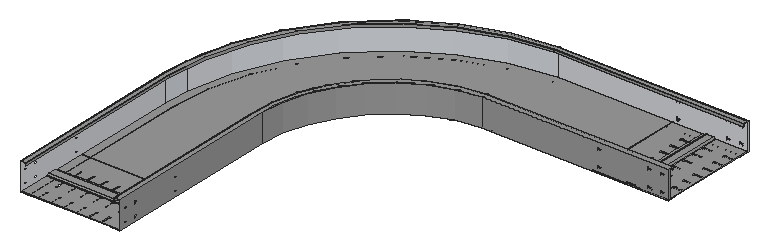
Revit family "Bogen 90- WRB 90140FS", category Generic Models, Revit 2017
Family settings
  Can host rebar = No
  Round Connector Dimension = Use Diameter
  Part Type = Normal
  Work Plane-Based = No
  Always vertical = Yes
  Cut with Voids When Loaded = No
  Shared = No
  Room Calculation Point = No
Parameters (values of type "WRB 90 140 FS")
  URL = "http://www.obo-bettermann.com"
  Material = Strip galvanised
  Manufacturer Art.No. = "6098312"
  Manufacturer = "OBO BETTERMANN"
  GTIN = "4012196351978"
  Cut's number = 2
  Article Type = "WRB 90 140 FS"
Reference planes
  plane 1 "Center (Front/Back)": y = 0
  plane 2: z = 0
  plane 3 "Center (Left/Right)": x = 0
  plane 4: x = 1071.5
  plane 5: y = 146.5
  plane 6: y = 121.5
  plane 7: y = 171.5
  plane 8: x = 1212.45
  plane 9: x = 912.45
  plane 10: x = 1062.45
  plane 11: x = 1077.45
  plane 12: x = 1047.45
  plane 13: z = 6.5
  plane 14: y = 393
  plane 15: x = 1212.45
  plane 16: y = -1212.45
  plane 17: x = 1212.45
  plane 18: through (1212.45, -1212.45, 1200) normal (-0.7071, -0.7071, 0)
  plane 19: y = -1212.45
  plane 20: y = -912.45
  plane 21: y = -1062.45
  plane 22: y = -1077.45
  plane 23: y = -1047.45
  plane 24: z = 6.5
  plane 25: z = 1.5
  plane 26: z = -1.5
  plane 27: z = 108.5
  plane 28: z = 107
  plane 29: z = 98.5
  plane 30: y = -1187.45
  plane 31: x = -196
  plane 32: x = -171
  plane 33: y = -1187.45
  plane 34: x = -146
  plane 35: x = -121
  plane 36: y = -1187.45
  plane 37: x = -96
  plane 38: x = -71
  plane 39: y = -1187.45
  plane 40: x = -246
  plane 41: x = -221
  plane 42: y = -1187.45
  plane 43: x = -296
  plane 44: x = -271
  plane 45: y = -1187.45
  plane 46: x = -346
  plane 47: x = -321
  plane 48: y = -1062.45
  plane 49: y = -1107.45
  plane 50: y = -1187.45
  plane 51: y = -1187.45
  plane 52: x = -196
  plane 53: x = -171
  plane 54: y = -1107.45
  plane 55: x = -196
  plane 56: x = -171
  plane 57: y = -1107.45
  plane 58: x = -146
  plane 59: x = -121
  plane 60: y = -1107.45
  plane 61: x = -96
  plane 62: x = -71
  plane 63: y = -1107.45
  plane 64: x = -246
  plane 65: x = -221
  plane 66: y = -1107.45
  plane 67: x = -296
  plane 68: x = -271
  plane 69: y = -1107.45
  plane 70: x = -346
  plane 71: x = -321
  plane 72: y = -1017.45
  plane 73: x = -196
  plane 74: x = -171
  plane 75: y = -1017.45
  plane 76: x = -146
  plane 77: x = -121
  plane 78: y = -1017.45
  plane 79: x = -96
  plane 80: x = -71
  plane 81: y = -1017.45
  plane 82: x = -246
  plane 83: x = -221
  plane 84: y = -1017.45
  plane 85: x = -296
  plane 86: x = -271
  plane 87: y = -1017.45
  plane 88: x = -346
  plane 89: x = -321
  plane 90: x = 1187.45
  plane 91: y = 196.5
  plane 92: y = 221.5
  plane 93: x = 1187.45
  plane 94: y = 246.5
  plane 95: y = 271.5
  plane 96: x = 1187.45
  plane 97: y = 296.5
  plane 98: y = 321.5
  plane 99: x = 1187.45
  plane 100: y = 146.5
  plane 101: y = 171.5
  plane 102: x = 1187.45
  plane 103: y = 96.5
  plane 104: y = 121.5
  plane 105: x = 1187.45
  plane 106: y = 46.5
  plane 107: y = 71.5
  plane 108: x = 1187.45
  plane 109: y = 196.5
  plane 110: y = 221.5
  plane 111: x = 1107.717
  plane 112: y = 196.5
  plane 113: y = 221.5
  plane 114: x = 1107.717
  plane 115: y = 246.5
  plane 116: y = 271.5
  plane 117: x = 1107.717
  plane 118: y = 296.5
  plane 119: y = 321.5
  plane 120: x = 1107.717
  plane 121: y = 146.5
  plane 122: y = 171.5
  plane 123: x = 1107.717
  plane 124: y = 96.5
  plane 125: y = 121.5
  plane 126: x = 1107.717
  plane 127: y = 46.5
  plane 128: y = 71.5
  plane 129: x = 1017.717
  plane 130: y = 196.5
  plane 131: y = 221.5
  plane 132: x = 1017.717
  plane 133: y = 246.5
  plane 134: y = 271.5
  plane 135: x = 1017.717
  plane 136: y = 296.5
  plane 137: y = 321.5
  plane 138: x = 1017.717
  plane 139: y = 146.5
  plane 140: y = 171.5
  plane 141: x = 1017.717
  plane 142: y = 96.5
  plane 143: y = 121.5
  plane 144: x = 1017.717
  plane 145: y = 46.5
  plane 146: y = 71.5
  plane 147: x = 1187.45
  plane 148: z = 84.5
  plane 149: x = 1187.45
  plane 150: z = 19.5
  plane 151: x = 1187.45
  plane 152: z = 84.5
  plane 153: x = 1137.45
  plane 154: z = 84.5
  plane 155: x = 937.45
  plane 156: z = 84.5
  plane 157: x = 1137.45
  plane 158: z = 19.5
  plane 159: x = 937.45
  plane 160: z = 19.5
  plane 161: x = 1187.45
  plane 162: z = 86
  plane 163: x = 1187.45
  plane 164: z = 21
  plane 165: x = 1187.45
  plane 166: z = 86
  plane 167: x = 1137.45
  plane 168: z = 86
  plane 169: x = 1137.45
  plane 170: z = 21
  plane 171: x = 937.45
  plane 172: z = 86
  plane 173: x = 937.45
  plane 174: z = 21
  plane 175: y = -1137.45
  plane 176: z = 19.5
  plane 177: y = -1187.45
  plane 178: z = 19.5
  plane 179: y = -1137.45
  plane 180: z = 19.5
  plane 181: y = -1137.45
  plane 182: z = 69.5
  plane 183: y = -1187.45
  plane 184: z = 69.5
  plane 185: y = -937.45
  plane 186: z = 19.5
  plane 187: y = -937.45
  plane 188: z = 69.5
Forms (mm)
  Extrusion 1, void, not visible
    sketch origin (0, 0, 0) x (0, -1, 0) y (1, 0, 0)
      loop
        line (-125, 1055.5) -> (-118, 1055.5) -> (-118, 1087.5) -> (-125, 1087.5) -> (-125, 1055.5)
    from -1.649 to 1.351
  Extrusion 2, solid, material "Strip galvanised" <- "Material"
    sketch origin (0, 0, 0) x (1, 0, 0) y (0, 0, 1)
      loop
        line (1212.45, 0) -> (1212.45, 1.5) -> (1087.45, 1.5) -> (1081.203, 1.5) -> (1078.316, 6.5) -> (1077.45, 6.5) -> (1046.584, 6.5) -> (1043.697, 1.5) -> (1031.506, 1.5) -> (912.45, 1.5) -> (912.45, 0) -> (1031.506, 0) -> (1044.563, 0) -> (1047.45, 5) -> (1077.45, 5) -> (1080.337, 0) -> (1087.45, 0) -> (1212.45, 0)
    from 0.713 to -393
  Extrusion 3, solid, material "Strip galvanised" <- "Material"
    sketch origin (0, 0, 0) x (0, -1, 0) y (0, 0, -1)
      loop
        line (1212.45, 0) -> (1087.45, 0) -> (1080.337, 0) -> (1077.45, -5) -> (1047.45, -5) -> (1044.563, 0) -> (1031.506, 0) -> (912.45, 0) -> (912.45, -1.5) -> (1031.506, -1.5) -> (1043.697, -1.5) -> (1046.584, -6.5) -> (1077.45, -6.5) -> (1078.316, -6.5) -> (1081.203, -1.5) -> (1087.45, -1.5) -> (1212.45, -1.5) -> (1212.45, 0)
    from 0 to -393
  Extrusion 4, solid, material "Strip galvanised" <- "Material"
    sketch origin (0, 0, 0) x (1, 0, 0) y (0, 1, 0)
      loop
        line (468.866, 0) -> (912.45, 0) -> (912.45, 393) -> (457.082, 393)
        arc (457.082, 393) -> (-146.25, 114.817) -> (-392.428, -502.268) r 896.5
        line (-392.428, -502.268) -> (-392.428, -912.45) -> (0.572, -912.45) -> (0.572, -502.268)
        arc (0.572, -502.268) -> (135.807, -158.912) -> (468.866, 0) r 503.5
    from 0 to 1.5
  Extrusion 5, solid, material "Strip galvanised"
    sketch origin (0, 0, 0) x (1, 0, 0) y (0, 1, 0)
      loop
        line (-393, -1212.45) -> (-358, -1212.45) -> (-358, -502.268)
        arc (-358, -502.268) -> (-121.746, 90.395) -> (457.437, 358) r 861.5
        line (457.437, 358) -> (1212.45, 358) -> (1212.45, 393) -> (456.51, 393)
        arc (456.51, 393) -> (-146.822, 114.817) -> (-393, -502.268) r 896.5
        line (-393, -502.268) -> (-393, -1212.45)
      loop
        line (0.572, -1212.45) -> (0.572, -502.268)
        arc (0.572, -502.268) -> (135.807, -158.912) -> (468.866, 0) r 503.5
        line (468.866, 0) -> (1212.45, 0) -> (1212.45, 35) -> (467.662, 35)
        arc (467.662, 35) -> (110.633, -134.589) -> (-34.428, -502.268) r 538.5
        line (-34.428, -502.268) -> (-34.428, -1212.45) -> (0.572, -1212.45)
    from -1.5 to 0
  Extrusion 6, solid
    sketch origin (0, 0, 0) x (1, 0, 0) y (0, 1, 0)
      loop
        line (1212.45, 393) -> (1212.45, 394.5) -> (456.47, 394.5)
        arc (456.47, 394.5) -> (-109.621, 153.331) -> (-388.026, -395.407) r 899.034
        arc (-388.026, -395.407) -> (-392.657, -445.386) -> (-394.5, -495.545) r 901.52
        line (-394.5, -495.545) -> (-394.5, -1212.45) -> (-393, -1212.45) -> (-393, -495.552)
        arc (-393, -495.552) -> (-391.16, -445.479) -> (-386.537, -395.587) r 900.02
        arc (-386.537, -395.587) -> (-108.611, 152.222) -> (456.51, 393) r 897.534
        line (456.51, 393) -> (1212.45, 393)
    from -1.5 to 108.5
  Extrusion 7, solid, material "Strip galvanised"
    sketch origin (0, 0, 0) x (1, 0, 0) y (0, 1, 0)
      loop
        line (1212.45, 4.839) -> (470.709, 4.839)
        arc (470.709, 4.839) -> (135.973, -159.142) -> (0.572, -506.423) r 513.061
        line (0.572, -506.423) -> (0.572, -1212.45) -> (1.5, -1212.45) -> (1.5, -510.475)
        arc (1.5, -510.475) -> (136.483, -164.233) -> (470.198, -0.713) r 511.561
        line (470.198, -0.713) -> (1212.45, -0.713) -> (1212.45, 4.839)
    from -1.5 to 108.5
  Extrusion 8, solid, material "Strip galvanised" <- "Material"
    sketch origin (0, 0, 0) x (1, 0, 0) y (0, 1, 0)
      loop
        line (1212.45, 393) -> (456.51, 393)
        arc (456.51, 393) -> (-146.832, 114.7) -> (-393, -502.45) r 896.692
        line (-393, -502.45) -> (-393, -1212.45) -> (-373, -1212.45) -> (-373, -502.45)
        arc (-373, -502.45) -> (-132.503, 100.745) -> (457.04, 373) r 876.692
        line (457.04, 373) -> (1212.45, 373) -> (1212.45, 393)
      loop
        line (1212.45, 0) -> (1212.45, 20) -> (468.173, 20)
        arc (468.173, 20) -> (205.754, -72.083) -> (27.527, -285.573) r 523.5
        arc (27.527, -285.573) -> (-9.877, -401.436) -> (-20, -522.766) r 532.781
        line (-20, -522.766) -> (-20, -1212.45) -> (0, -1212.45) -> (0, -522.45)
        arc (0, -522.45) -> (9.703, -405.517) -> (45.733, -293.851) r 512.781
        arc (45.733, -293.851) -> (216.872, -88.712) -> (468.866, 0) r 503.5
        line (468.866, 0) -> (1212.45, 0)
    from 107 to 108.5
  Extrusion 9, solid, material "Strip galvanised" <- "Material"
    sketch origin (0, 0, 0) x (1, 0, 0) y (0, 1, 0)
      loop
        line (1212.45, 373) -> (457.04, 373)
        arc (457.04, 373) -> (-132.503, 100.745) -> (-373, -502.45) r 876.692
        line (-373, -502.45) -> (-373, -1212.45) -> (-371.5, -1212.45) -> (-371.5, -502.45)
        arc (-371.5, -502.45) -> (-131.428, 99.699) -> (457.08, 371.5) r 875.192
        line (457.08, 371.5) -> (1212.45, 371.5) -> (1212.45, 373)
      loop
        line (1212.45, 20) -> (1212.45, 21.5) -> (468.118, 21.5)
        arc (468.118, 21.5) -> (110.507, -155.798) -> (-21.5, -532.487) r 529.15
        line (-21.5, -532.487) -> (-21.5, -1212.45) -> (-20, -1212.45) -> (-20, -532.45)
        arc (-20, -532.45) -> (111.6, -156.826) -> (468.173, 20) r 527.65
        line (468.173, 20) -> (1212.45, 20)
    from 98.5 to 107
  Extrusion 10, void
    sketch origin (0, 0, 0) x (1, 0, 0) y (0, 1, 0)
      loop
        line (-174.5, -1171.45) -> (-174.5, -1203.45) -> (-167.5, -1203.45) -> (-167.5, -1171.45) -> (-174.5, -1171.45)
    from -1.5 to 1.5
  Extrusion 11, void
    sketch origin (50, 0, 0) x (1, 0, 0) y (0, 1, 0)
      loop
        line (-174.5, -1171.45) -> (-174.5, -1203.45) -> (-167.5, -1203.45) -> (-167.5, -1171.45) -> (-174.5, -1171.45)
    from -1.5 to 1.5
  Extrusion 12, void
    sketch origin (100, 0, 0) x (1, 0, 0) y (0, 1, 0)
      loop
        line (-174.5, -1171.45) -> (-174.5, -1203.45) -> (-167.5, -1203.45) -> (-167.5, -1171.45) -> (-174.5, -1171.45)
    from -1.5 to 1.5
  Extrusion 13, void
    sketch origin (-50, 0, 0) x (1, 0, 0) y (0, 1, 0)
      loop
        line (-174.5, -1171.45) -> (-174.5, -1203.45) -> (-167.5, -1203.45) -> (-167.5, -1171.45) -> (-174.5, -1171.45)
    from -1.5 to 1.5
  Extrusion 14, void
    sketch origin (-100, 0, 0) x (1, 0, 0) y (0, 1, 0)
      loop
        line (-174.5, -1171.45) -> (-174.5, -1203.45) -> (-167.5, -1203.45) -> (-167.5, -1171.45) -> (-174.5, -1171.45)
    from -1.5 to 1.5
  Extrusion 15, void
    sketch origin (-150, 0, 0) x (1, 0, 0) y (0, 1, 0)
      loop
        line (-174.5, -1171.45) -> (-174.5, -1203.45) -> (-167.5, -1203.45) -> (-167.5, -1171.45) -> (-174.5, -1171.45)
    from -1.5 to 1.5
  Extrusion 16, void, not visible
    sketch origin (0, 0, 0) x (1, 0, 0) y (0, 1, 0)
      loop
        line (-174.5, -1171.45) -> (-174.5, -1203.45) -> (-167.5, -1203.45) -> (-167.5, -1171.45) -> (-174.5, -1171.45)
    from -1.5 to 1.5
  Extrusion 17, void
    sketch origin (0, 80, 0) x (1, 0, 0) y (0, 1, 0)
      loop
        line (-174.5, -1171.45) -> (-174.5, -1203.45) -> (-167.5, -1203.45) -> (-167.5, -1171.45) -> (-174.5, -1171.45)
    from -1.5 to 1.5
  Extrusion 18, void
    sketch origin (50, 80, 0) x (1, 0, 0) y (0, 1, 0)
      loop
        line (-174.5, -1171.45) -> (-174.5, -1203.45) -> (-167.5, -1203.45) -> (-167.5, -1171.45) -> (-174.5, -1171.45)
    from -1.5 to 1.5
  Extrusion 19, void
    sketch origin (100, 80, 0) x (1, 0, 0) y (0, 1, 0)
      loop
        line (-174.5, -1171.45) -> (-174.5, -1203.45) -> (-167.5, -1203.45) -> (-167.5, -1171.45) -> (-174.5, -1171.45)
    from -1.5 to 1.5
  Extrusion 20, void
    sketch origin (-50, 80, 0) x (1, 0, 0) y (0, 1, 0)
      loop
        line (-174.5, -1171.45) -> (-174.5, -1203.45) -> (-167.5, -1203.45) -> (-167.5, -1171.45) -> (-174.5, -1171.45)
    from -1.5 to 1.5
  Extrusion 21, void
    sketch origin (-100, 80, 0) x (1, 0, 0) y (0, 1, 0)
      loop
        line (-174.5, -1171.45) -> (-174.5, -1203.45) -> (-167.5, -1203.45) -> (-167.5, -1171.45) -> (-174.5, -1171.45)
    from -1.5 to 1.5
  Extrusion 22, void
    sketch origin (-150, 80, 0) x (1, 0, 0) y (0, 1, 0)
      loop
        line (-174.5, -1171.45) -> (-174.5, -1203.45) -> (-167.5, -1203.45) -> (-167.5, -1171.45) -> (-174.5, -1171.45)
    from -1.5 to 1.5
  Extrusion 23, void
    sketch origin (0, 170, 0) x (1, 0, 0) y (0, 1, 0)
      loop
        line (-174.5, -1171.45) -> (-174.5, -1203.45) -> (-167.5, -1203.45) -> (-167.5, -1171.45) -> (-174.5, -1171.45)
    from -1.5 to 1.5
  Extrusion 24, void
    sketch origin (50, 170, 0) x (1, 0, 0) y (0, 1, 0)
      loop
        line (-174.5, -1171.45) -> (-174.5, -1203.45) -> (-167.5, -1203.45) -> (-167.5, -1171.45) -> (-174.5, -1171.45)
    from -1.5 to 1.5
  Extrusion 25, void
    sketch origin (100, 170, 0) x (1, 0, 0) y (0, 1, 0)
      loop
        line (-174.5, -1171.45) -> (-174.5, -1203.45) -> (-167.5, -1203.45) -> (-167.5, -1171.45) -> (-174.5, -1171.45)
    from -1.5 to 1.5
  Extrusion 26, void
    sketch origin (-50, 170, 0) x (1, 0, 0) y (0, 1, 0)
      loop
        line (-174.5, -1171.45) -> (-174.5, -1203.45) -> (-167.5, -1203.45) -> (-167.5, -1171.45) -> (-174.5, -1171.45)
    from -1.5 to 1.5
  Extrusion 27, void
    sketch origin (-100, 170, 0) x (1, 0, 0) y (0, 1, 0)
      loop
        line (-174.5, -1171.45) -> (-174.5, -1203.45) -> (-167.5, -1203.45) -> (-167.5, -1171.45) -> (-174.5, -1171.45)
    from -1.5 to 1.5
  Extrusion 28, void
    sketch origin (-150, 170, 0) x (1, 0, 0) y (0, 1, 0)
      loop
        line (-174.5, -1171.45) -> (-174.5, -1203.45) -> (-167.5, -1203.45) -> (-167.5, -1171.45) -> (-174.5, -1171.45)
    from -1.5 to 1.5
  Extrusion 29, void
    sketch origin (0, 0, 0) x (1, 0, 0) y (0, 1, 0)
      loop
        line (1171.45, 225) -> (1171.45, 218) -> (1203.45, 218) -> (1203.45, 225) -> (1171.45, 225)
    from -1.5 to 1.5
  Extrusion 30, void
    sketch origin (0, 50, 0) x (1, 0, 0) y (0, 1, 0)
      loop
        line (1171.45, 225) -> (1171.45, 218) -> (1203.45, 218) -> (1203.45, 225) -> (1171.45, 225)
    from -1.5 to 1.5
  Extrusion 31, void
    sketch origin (0, 100, 0) x (1, 0, 0) y (0, 1, 0)
      loop
        line (1171.45, 225) -> (1171.45, 218) -> (1203.45, 218) -> (1203.45, 225) -> (1171.45, 225)
    from -1.5 to 1.5
  Extrusion 32, void
    sketch origin (0, -50, 0) x (1, 0, 0) y (0, 1, 0)
      loop
        line (1171.45, 225) -> (1171.45, 218) -> (1203.45, 218) -> (1203.45, 225) -> (1171.45, 225)
    from -1.5 to 1.5
  Extrusion 33, void
    sketch origin (0, -100, 0) x (1, 0, 0) y (0, 1, 0)
      loop
        line (1171.45, 225) -> (1171.45, 218) -> (1203.45, 218) -> (1203.45, 225) -> (1171.45, 225)
    from -1.5 to 1.5
  Extrusion 34, void
    sketch origin (0, -150, 0) x (1, 0, 0) y (0, 1, 0)
      loop
        line (1171.45, 225) -> (1171.45, 218) -> (1203.45, 218) -> (1203.45, 225) -> (1171.45, 225)
    from -1.5 to 1.5
  Extrusion 35, void, not visible
    sketch origin (0, 0, 0) x (1, 0, 0) y (0, 1, 0)
      loop
        line (1171.45, 225) -> (1171.45, 218) -> (1203.45, 218) -> (1203.45, 225) -> (1171.45, 225)
    from -1.5 to 1.5
  Extrusion 36, void
    sketch origin (-79.733, 0, 0) x (1, 0, 0) y (0, 1, 0)
      loop
        line (1171.45, 225) -> (1171.45, 218) -> (1203.45, 218) -> (1203.45, 225) -> (1171.45, 225)
    from -1.5 to 1.5
  Extrusion 37, void
    sketch origin (-79.733, 50, 0) x (1, 0, 0) y (0, 1, 0)
      loop
        line (1171.45, 225) -> (1171.45, 218) -> (1203.45, 218) -> (1203.45, 225) -> (1171.45, 225)
    from -1.5 to 1.5
  Extrusion 38, void
    sketch origin (-79.733, 100, 0) x (1, 0, 0) y (0, 1, 0)
      loop
        line (1171.45, 225) -> (1171.45, 218) -> (1203.45, 218) -> (1203.45, 225) -> (1171.45, 225)
    from -1.5 to 1.5
  Extrusion 39, void
    sketch origin (-79.733, -50, 0) x (1, 0, 0) y (0, 1, 0)
      loop
        line (1171.45, 225) -> (1171.45, 218) -> (1203.45, 218) -> (1203.45, 225) -> (1171.45, 225)
    from -1.5 to 1.5
  Extrusion 40, void
    sketch origin (-79.733, -100, 0) x (1, 0, 0) y (0, 1, 0)
      loop
        line (1171.45, 225) -> (1171.45, 218) -> (1203.45, 218) -> (1203.45, 225) -> (1171.45, 225)
    from -1.5 to 1.5
  Extrusion 41, void
    sketch origin (-79.733, -150, 0) x (1, 0, 0) y (0, 1, 0)
      loop
        line (1171.45, 225) -> (1171.45, 218) -> (1203.45, 218) -> (1203.45, 225) -> (1171.45, 225)
    from -1.5 to 1.5
  Extrusion 42, void
    sketch origin (-169.733, 0, 0) x (1, 0, 0) y (0, 1, 0)
      loop
        line (1171.45, 225) -> (1171.45, 218) -> (1203.45, 218) -> (1203.45, 225) -> (1171.45, 225)
    from -1.5 to 1.5
  Extrusion 43, void
    sketch origin (-169.733, 50, 0) x (1, 0, 0) y (0, 1, 0)
      loop
        line (1171.45, 225) -> (1171.45, 218) -> (1203.45, 218) -> (1203.45, 225) -> (1171.45, 225)
    from -1.5 to 1.5
  Extrusion 44, void
    sketch origin (-169.733, 100, 0) x (1, 0, 0) y (0, 1, 0)
      loop
        line (1171.45, 225) -> (1171.45, 218) -> (1203.45, 218) -> (1203.45, 225) -> (1171.45, 225)
    from -1.5 to 1.5
  Extrusion 45, void
    sketch origin (-169.733, -50, 0) x (1, 0, 0) y (0, 1, 0)
      loop
        line (1171.45, 225) -> (1171.45, 218) -> (1203.45, 218) -> (1203.45, 225) -> (1171.45, 225)
    from -1.5 to 1.5
  Extrusion 46, void
    sketch origin (-169.733, -100, 0) x (1, 0, 0) y (0, 1, 0)
      loop
        line (1171.45, 225) -> (1171.45, 218) -> (1203.45, 218) -> (1203.45, 225) -> (1171.45, 225)
    from -1.5 to 1.5
  Extrusion 47, void
    sketch origin (-169.733, -150, 0) x (1, 0, 0) y (0, 1, 0)
      loop
        line (1171.45, 225) -> (1171.45, 218) -> (1203.45, 218) -> (1203.45, 225) -> (1171.45, 225)
    from -1.5 to 1.5
  Extrusion 48, void
    sketch origin (0, 0, 0) x (1, 0, 0) y (0, 0, 1)
      loop
        line (1179.95, 89) -> (1179.95, 80) -> (1194.95, 80) -> (1194.95, 89) -> (1179.95, 89)
    from -4.839 to 0.713
  Extrusion 49, void
    sketch origin (0, 0, -65) x (1, 0, 0) y (0, 0, 1)
      loop
        line (1179.95, 89) -> (1179.95, 80) -> (1194.95, 80) -> (1194.95, 89) -> (1179.95, 89)
    from -4.839 to 0.713
  Extrusion 50, void, not visible
    sketch origin (0, 0, 0) x (1, 0, 0) y (0, 0, 1)
      loop
        line (1179.95, 89) -> (1179.95, 80) -> (1194.95, 80) -> (1194.95, 89) -> (1179.95, 89)
    from 0 to 250
  Extrusion 51, void
    sketch origin (-50, 0, 0) x (1, 0, 0) y (0, 0, 1)
      loop
        line (1179.95, 89) -> (1179.95, 80) -> (1194.95, 80) -> (1194.95, 89) -> (1179.95, 89)
    from -4.839 to 0.713
  Extrusion 52, void
    sketch origin (-250, 0, 0) x (1, 0, 0) y (0, 0, 1)
      loop
        line (1179.95, 89) -> (1179.95, 80) -> (1194.95, 80) -> (1194.95, 89) -> (1179.95, 89)
    from -4.839 to 0.713
  Extrusion 53, void
    sketch origin (-50, 0, -65) x (1, 0, 0) y (0, 0, 1)
      loop
        line (1179.95, 89) -> (1179.95, 80) -> (1194.95, 80) -> (1194.95, 89) -> (1179.95, 89)
    from -4.839 to 0.713
  Extrusion 54, void
    sketch origin (-250, 0, -65) x (1, 0, 0) y (0, 0, 1)
      loop
        line (1179.95, 89) -> (1179.95, 80) -> (1194.95, 80) -> (1194.95, 89) -> (1179.95, 89)
    from -4.839 to 0.713
  Extrusion 55, void
    sketch origin (0, 0, 0) x (1, 0, 0) y (0, 0, 1)
      loop
        line (1194.95, 89) -> (1179.95, 89) -> (1179.95, 80) -> (1194.95, 80) -> (1194.95, 89)
    from -394.5 to -393
  Extrusion 56, void
    sketch origin (0, 0, -65) x (1, 0, 0) y (0, 0, 1)
      loop
        line (1194.95, 89) -> (1179.95, 89) -> (1179.95, 80) -> (1194.95, 80) -> (1194.95, 89)
    from -394.5 to -393
  Extrusion 57, void, not visible
    sketch origin (0, 0, 0) x (1, 0, 0) y (0, 0, 1)
      loop
        line (1194.95, 89) -> (1179.95, 89) -> (1179.95, 80) -> (1194.95, 80) -> (1194.95, 89)
    from -394.5 to -393
  Extrusion 58, void
    sketch origin (-50, 0, 0) x (1, 0, 0) y (0, 0, 1)
      loop
        line (1194.95, 89) -> (1179.95, 89) -> (1179.95, 80) -> (1194.95, 80) -> (1194.95, 89)
    from -394.5 to -393
  Extrusion 59, void
    sketch origin (-50, 0, -65) x (1, 0, 0) y (0, 0, 1)
      loop
        line (1194.95, 89) -> (1179.95, 89) -> (1179.95, 80) -> (1194.95, 80) -> (1194.95, 89)
    from -394.5 to -393
  Extrusion 60, void
    sketch origin (-250, 0, 0) x (1, 0, 0) y (0, 0, 1)
      loop
        line (1194.95, 89) -> (1179.95, 89) -> (1179.95, 80) -> (1194.95, 80) -> (1194.95, 89)
    from -394.5 to -393
  Extrusion 61, void
    sketch origin (-250, 0, -65) x (1, 0, 0) y (0, 0, 1)
      loop
        line (1194.95, 89) -> (1179.95, 89) -> (1179.95, 80) -> (1194.95, 80) -> (1194.95, 89)
    from -394.5 to -393
  Extrusion 62, void
    sketch origin (0, 50, -65) x (0, -1, 0) y (0, 0, -1)
      loop
        line (1179.95, -89) -> (1194.95, -89) -> (1194.95, -80) -> (1179.95, -80) -> (1179.95, -89)
    from 0 to 1.5
  Extrusion 63, void
    sketch origin (0, 0, -65) x (0, -1, 0) y (0, 0, -1)
      loop
        line (1179.95, -89) -> (1194.95, -89) -> (1194.95, -80) -> (1179.95, -80) -> (1179.95, -89)
    from 0 to 1.5
  Extrusion 64, void, not visible
    sketch origin (0, 50, -65) x (0, -1, 0) y (0, 0, -1)
      loop
        line (1179.95, -89) -> (1194.95, -89) -> (1194.95, -80) -> (1179.95, -80) -> (1179.95, -89)
    from 0 to 1.5
  Extrusion 65, void
    sketch origin (0, 50, -15) x (0, -1, 0) y (0, 0, -1)
      loop
        line (1179.95, -89) -> (1194.95, -89) -> (1194.95, -80) -> (1179.95, -80) -> (1179.95, -89)
    from 0 to 1.5
  Extrusion 66, void
    sketch origin (0, 0, -15) x (0, -1, 0) y (0, 0, -1)
      loop
        line (1179.95, -89) -> (1194.95, -89) -> (1194.95, -80) -> (1179.95, -80) -> (1179.95, -89)
    from 0 to 1.5
  Extrusion 67, void
    sketch origin (0, 250, -65) x (0, -1, 0) y (0, 0, -1)
      loop
        line (1179.95, -89) -> (1194.95, -89) -> (1194.95, -80) -> (1179.95, -80) -> (1179.95, -89)
    from 0 to 1.5
  Extrusion 68, void
    sketch origin (0, 250, -15) x (0, -1, 0) y (0, 0, -1)
      loop
        line (1179.95, -89) -> (1194.95, -89) -> (1194.95, -80) -> (1179.95, -80) -> (1179.95, -89)
    from 0 to 1.5
  Extrusion 69, void
    sketch origin (0, 0, 0) x (0, 1, 0) y (0, 0, 1)
      loop
        line (-1179.95, 74) -> (-1194.95, 74) -> (-1194.95, 65) -> (-1179.95, 65) -> (-1179.95, 74)
    from -394.5 to -393
  Extrusion 70, void
    sketch origin (0, 0, -50) x (0, 1, 0) y (0, 0, 1)
      loop
        line (-1179.95, 74) -> (-1194.95, 74) -> (-1194.95, 65) -> (-1179.95, 65) -> (-1179.95, 74)
    from -394.5 to -393
  Extrusion 71, void
    sketch origin (0, 50, 0) x (0, 1, 0) y (0, 0, 1)
      loop
        line (-1179.95, 74) -> (-1194.95, 74) -> (-1194.95, 65) -> (-1179.95, 65) -> (-1179.95, 74)
    from -394.5 to -393
  Extrusion 72, void
    sketch origin (0, 50, -50) x (0, 1, 0) y (0, 0, 1)
      loop
        line (-1179.95, 74) -> (-1194.95, 74) -> (-1194.95, 65) -> (-1179.95, 65) -> (-1179.95, 74)
    from -394.5 to -393
  Extrusion 73, void
    sketch origin (0, 250, 0) x (0, 1, 0) y (0, 0, 1)
      loop
        line (-1179.95, 74) -> (-1194.95, 74) -> (-1194.95, 65) -> (-1179.95, 65) -> (-1179.95, 74)
    from -394.5 to -393
  Extrusion 74, void
    sketch origin (0, 250, -50) x (0, 1, 0) y (0, 0, 1)
      loop
        line (-1179.95, 74) -> (-1194.95, 74) -> (-1194.95, 65) -> (-1179.95, 65) -> (-1179.95, 74)
    from -394.5 to -393
Cuts and joins
  Extrusion 10, Extrusion 11, Extrusion 12, Extrusion 13, Extrusion 14, Extrusion 15, Extrusion 17, Extrusion 18, Extrusion 19, Extrusion 20, Extrusion 21, Extrusion 22, Extrusion 23, Extrusion 24, Extrusion 25, Extrusion 26, Extrusion 27, Extrusion 28 cuts Extrusion 3
  Extrusion 29, Extrusion 30, Extrusion 31, Extrusion 32, Extrusion 33, Extrusion 34, Extrusion 36, Extrusion 37, Extrusion 38, Extrusion 39, Extrusion 40, Extrusion 41, Extrusion 42, Extrusion 43, Extrusion 44, Extrusion 45, Extrusion 46, Extrusion 47 cuts Extrusion 2
  Extrusion 48, Extrusion 49, Extrusion 51, Extrusion 52, Extrusion 53, Extrusion 54, Extrusion 55, Extrusion 62, Extrusion 63, Extrusion 65, Extrusion 66, Extrusion 67, Extrusion 68, Extrusion 69 cuts Extrusion 7
  Extrusion 55, Extrusion 56, Extrusion 58, Extrusion 59, Extrusion 60, Extrusion 61, Extrusion 69, Extrusion 70, Extrusion 71, Extrusion 72, Extrusion 73, Extrusion 74 cuts Extrusion 6
Dimensions and locks
  locked: Extrusion 1 sketch curve to Extrusion 1 sketch curve at 7
  locked: Extrusion 1 sketch curve to plane 6 at 3.5
  locked: Extrusion 1 sketch curve to Extrusion 1 sketch curve at 32
  locked: Extrusion 1 sketch curve to plane 4 at 16
  locked: plane 8 to plane 9 at 300
  locked: plane 8 to plane 3 "Center (Left/Right)" at 1212.45
  locked: plane 8 to plane 10 at 150
  locked: plane 13 to level at 6.5
  Extrusion 2 to plane 14 = 393.713 mm
  locked: plane 3 "Center (Left/Right)" to plane 15 at 1212.45
  locked: plane 16 to plane 1 "Center (Front/Back)" at 1212.45
  locked: plane 19 to plane 20 at 300
  locked: plane 19 to plane 21 at 150
  locked: Extrusion 4 sketch curve to Extrusion 4 sketch curve at 393
  locked: Extrusion 3 to Extrusion 5 sketch curve at 35
  locked: Extrusion 5 sketch curve to Extrusion 5 sketch curve at 35
  locked: plane 27 to Extrusion 5 at 110
  locked: Extrusion 7 to Extrusion 9 at 10
  locked: Extrusion 10 sketch curve to Extrusion 10 sketch curve at 7
  locked: Extrusion 10 sketch curve to plane 32 at 3.5
  locked: Extrusion 10 sketch curve to Extrusion 10 sketch curve at 32
  locked: plane 30 to Extrusion 10 sketch curve at 16
  locked: Extrusion 11 sketch curve to Extrusion 11 sketch curve at 7
  locked: Extrusion 11 sketch curve to plane 35 at 3.5
  locked: Extrusion 11 sketch curve to Extrusion 11 sketch curve at 32
  locked: plane 33 to Extrusion 11 sketch curve at 16
  group 2 to group 3 = 50 mm
  group 2 to group 3 = 0 mm  (x2)
  locked: Extrusion 12 sketch curve to Extrusion 12 sketch curve at 7
  locked: Extrusion 12 sketch curve to plane 38 at 3.5
  locked: Extrusion 12 sketch curve to Extrusion 12 sketch curve at 32
  locked: plane 36 to Extrusion 12 sketch curve at 16
  group 3 to group 4 = 50 mm
  group 3 to group 4 = 0 mm  (x2)
  locked: Extrusion 13 sketch curve to Extrusion 13 sketch curve at 7
  locked: Extrusion 13 sketch curve to plane 41 at 3.5
  locked: Extrusion 13 sketch curve to Extrusion 13 sketch curve at 32
  locked: plane 39 to Extrusion 13 sketch curve at 16
  group 5 to group 2 = 50 mm
  group 2 to group 5 = 0 mm  (x2)
  locked: Extrusion 14 sketch curve to Extrusion 14 sketch curve at 7
  locked: Extrusion 14 sketch curve to plane 44 at 3.5
  locked: Extrusion 14 sketch curve to Extrusion 14 sketch curve at 32
  locked: plane 42 to Extrusion 14 sketch curve at 16
  group 6 to group 5 = 50 mm
  group 5 to group 6 = 0 mm  (x2)
  locked: Extrusion 15 sketch curve to Extrusion 15 sketch curve at 7
  locked: Extrusion 15 sketch curve to plane 47 at 3.5
  locked: Extrusion 15 sketch curve to Extrusion 15 sketch curve at 32
  locked: plane 45 to Extrusion 15 sketch curve at 16
  group 7 to group 6 = 50 mm
  group 6 to group 7 = 0 mm  (x2)
  locked: cut or joined group 1 (Extrusion 3, Extrusion 10, Extrusion 11, Extrusion 12, Extrusion 13, Extrusion 14, Extrusion 15, Extrusion 17, Extrusion 18, Extrusion 19, Extrusion 20, Extrusion 21, Extrusion 22, Extrusion 23, Extrusion 24, Extrusion 25, Extrusion 26, Extrusion 27, Extrusion 28) to plane 48 at 150
  locked: plane 48 to plane 49 at 45
  locked: cut or joined group 1 to plane 50 at 25
  plane 49 to plane 50 = 80 mm
  locked: Extrusion 16 sketch curve to Extrusion 16 sketch curve at 7
  locked: Extrusion 16 sketch curve to plane 53 at 3.5
  locked: Extrusion 16 sketch curve to Extrusion 16 sketch curve at 32
  locked: plane 51 to Extrusion 16 sketch curve at 16
  locked: Extrusion 17 sketch curve to Extrusion 17 sketch curve at 7
  locked: Extrusion 17 sketch curve to plane 56 at 3.5
  locked: Extrusion 17 sketch curve to Extrusion 17 sketch curve at 32
  locked: plane 54 to Extrusion 17 sketch curve at 16
  locked: Extrusion 18 sketch curve to Extrusion 18 sketch curve at 7
  locked: Extrusion 18 sketch curve to plane 59 at 3.5
  locked: Extrusion 18 sketch curve to Extrusion 18 sketch curve at 32
  locked: plane 57 to Extrusion 18 sketch curve at 16
  locked: Extrusion 19 sketch curve to Extrusion 19 sketch curve at 7
  locked: Extrusion 19 sketch curve to plane 62 at 3.5
  locked: Extrusion 19 sketch curve to Extrusion 19 sketch curve at 32
  locked: plane 60 to Extrusion 19 sketch curve at 16
  group 11 to group 12 = 50 mm
  group 11 to group 12 = 0 mm  (x2)
  locked: Extrusion 20 sketch curve to Extrusion 20 sketch curve at 7
  locked: Extrusion 20 sketch curve to plane 65 at 3.5
  locked: Extrusion 20 sketch curve to Extrusion 20 sketch curve at 32
  locked: plane 63 to Extrusion 20 sketch curve at 16
  group 13 to group 10 = 50 mm
  group 10 to group 13 = 0 mm  (x2)
  locked: Extrusion 21 sketch curve to Extrusion 21 sketch curve at 7
  locked: Extrusion 21 sketch curve to plane 68 at 3.5
  locked: Extrusion 21 sketch curve to Extrusion 21 sketch curve at 32
  locked: plane 66 to Extrusion 21 sketch curve at 16
  group 14 to group 13 = 50 mm
  group 13 to group 14 = 0 mm  (x2)
  locked: Extrusion 22 sketch curve to Extrusion 22 sketch curve at 7
  locked: Extrusion 22 sketch curve to plane 71 at 3.5
  locked: Extrusion 22 sketch curve to Extrusion 22 sketch curve at 32
  locked: plane 69 to Extrusion 22 sketch curve at 16
  group 15 to group 14 = 50 mm
  group 14 to group 15 = 0 mm  (x2)
  group 8 to group 16 = 0 mm  (x2)
  group 8 to group 16 = 80 mm
  locked: Extrusion 23 sketch curve to Extrusion 23 sketch curve at 7
  locked: Extrusion 23 sketch curve to plane 74 at 3.5
  locked: Extrusion 23 sketch curve to Extrusion 23 sketch curve at 32
  locked: plane 72 to Extrusion 23 sketch curve at 16
  locked: Extrusion 24 sketch curve to Extrusion 24 sketch curve at 7
  locked: Extrusion 24 sketch curve to plane 77 at 3.5
  locked: Extrusion 24 sketch curve to Extrusion 24 sketch curve at 32
  locked: plane 75 to Extrusion 24 sketch curve at 16
  locked: Extrusion 25 sketch curve to Extrusion 25 sketch curve at 7
  locked: Extrusion 25 sketch curve to plane 80 at 3.5
  locked: Extrusion 25 sketch curve to Extrusion 25 sketch curve at 32
  locked: plane 78 to Extrusion 25 sketch curve at 16
  group 18 to group 19 = 50 mm
  group 18 to group 19 = 0 mm  (x2)
  locked: Extrusion 26 sketch curve to Extrusion 26 sketch curve at 7
  locked: Extrusion 26 sketch curve to plane 83 at 3.5
  locked: Extrusion 26 sketch curve to Extrusion 26 sketch curve at 32
  locked: plane 81 to Extrusion 26 sketch curve at 16
  group 20 to group 17 = 50 mm
  group 17 to group 20 = 0 mm  (x2)
  locked: Extrusion 27 sketch curve to Extrusion 27 sketch curve at 7
  locked: Extrusion 27 sketch curve to plane 86 at 3.5
  locked: Extrusion 27 sketch curve to Extrusion 27 sketch curve at 32
  locked: plane 84 to Extrusion 27 sketch curve at 16
  group 21 to group 20 = 50 mm
  group 20 to group 21 = 0 mm  (x2)
  locked: Extrusion 28 sketch curve to Extrusion 28 sketch curve at 7
  locked: Extrusion 28 sketch curve to plane 89 at 3.5
  locked: Extrusion 28 sketch curve to Extrusion 28 sketch curve at 32
  locked: plane 87 to Extrusion 28 sketch curve at 16
  group 22 to group 21 = 50 mm
  group 21 to group 22 = 0 mm  (x2)
  group 16 to group 23 = 0 mm  (x2)
  group 16 to group 23 = 90 mm
  locked: Extrusion 29 sketch curve to Extrusion 29 sketch curve at 32
  locked: plane 90 to Extrusion 29 sketch curve at 16
  locked: Extrusion 29 sketch curve to Extrusion 29 sketch curve at 7
  locked: plane 92 to Extrusion 29 sketch curve at 3.5
  locked: Extrusion 30 sketch curve to Extrusion 30 sketch curve at 32
  locked: plane 93 to Extrusion 30 sketch curve at 16
  locked: Extrusion 30 sketch curve to Extrusion 30 sketch curve at 7
  locked: plane 95 to Extrusion 30 sketch curve at 3.5
  group 24 to group 25 = 0 mm  (x2)
  group 24 to group 25 = 50 mm
  locked: Extrusion 31 sketch curve to Extrusion 31 sketch curve at 32
  locked: plane 96 to Extrusion 31 sketch curve at 16
  locked: Extrusion 31 sketch curve to Extrusion 31 sketch curve at 7
  locked: plane 98 to Extrusion 31 sketch curve at 3.5
  group 25 to group 26 = 0 mm  (x2)
  group 25 to group 26 = 50 mm
  locked: Extrusion 32 sketch curve to Extrusion 32 sketch curve at 32
  locked: plane 99 to Extrusion 32 sketch curve at 16
  locked: Extrusion 32 sketch curve to Extrusion 32 sketch curve at 7
  locked: plane 101 to Extrusion 32 sketch curve at 3.5
  group 24 to group 27 = 0 mm  (x2)
  group 27 to group 24 = 50 mm
  locked: Extrusion 33 sketch curve to Extrusion 33 sketch curve at 32
  locked: plane 102 to Extrusion 33 sketch curve at 16
  locked: Extrusion 33 sketch curve to Extrusion 33 sketch curve at 7
  locked: plane 104 to Extrusion 33 sketch curve at 3.5
  group 27 to group 28 = 0 mm  (x2)
  group 28 to group 27 = 50 mm
  locked: Extrusion 34 sketch curve to Extrusion 34 sketch curve at 32
  locked: plane 105 to Extrusion 34 sketch curve at 16
  locked: Extrusion 34 sketch curve to Extrusion 34 sketch curve at 7
  locked: plane 107 to Extrusion 34 sketch curve at 3.5
  group 28 to group 29 = 0 mm  (x2)
  group 29 to group 28 = 50 mm
  locked: Extrusion 35 sketch curve to Extrusion 35 sketch curve at 32
  locked: plane 108 to Extrusion 35 sketch curve at 16
  locked: Extrusion 35 sketch curve to Extrusion 35 sketch curve at 7
  locked: plane 110 to Extrusion 35 sketch curve at 3.5
  locked: Extrusion 36 sketch curve to Extrusion 36 sketch curve at 32
  locked: plane 111 to Extrusion 36 sketch curve at 16
  locked: Extrusion 36 sketch curve to Extrusion 36 sketch curve at 7
  locked: plane 113 to Extrusion 36 sketch curve at 3.5
  locked: Extrusion 37 sketch curve to Extrusion 37 sketch curve at 32
  locked: plane 114 to Extrusion 37 sketch curve at 16
  locked: Extrusion 37 sketch curve to Extrusion 37 sketch curve at 7
  locked: plane 116 to Extrusion 37 sketch curve at 3.5
  locked: Extrusion 38 sketch curve to Extrusion 38 sketch curve at 32
  locked: plane 117 to Extrusion 38 sketch curve at 16
  locked: Extrusion 38 sketch curve to Extrusion 38 sketch curve at 7
  locked: plane 119 to Extrusion 38 sketch curve at 3.5
  group 33 to group 34 = 0 mm  (x2)
  group 33 to group 34 = 50 mm
  locked: Extrusion 39 sketch curve to Extrusion 39 sketch curve at 32
  locked: plane 120 to Extrusion 39 sketch curve at 16
  locked: Extrusion 39 sketch curve to Extrusion 39 sketch curve at 7
  locked: plane 122 to Extrusion 39 sketch curve at 3.5
  group 32 to group 35 = 0 mm  (x2)
  group 35 to group 32 = 50 mm
  locked: Extrusion 40 sketch curve to Extrusion 40 sketch curve at 32
  locked: plane 123 to Extrusion 40 sketch curve at 16
  locked: Extrusion 40 sketch curve to Extrusion 40 sketch curve at 7
  locked: plane 125 to Extrusion 40 sketch curve at 3.5
  group 35 to group 36 = 0 mm  (x2)
  group 36 to group 35 = 50 mm
  locked: Extrusion 41 sketch curve to Extrusion 41 sketch curve at 32
  locked: plane 126 to Extrusion 41 sketch curve at 16
  locked: Extrusion 41 sketch curve to Extrusion 41 sketch curve at 7
  locked: plane 128 to Extrusion 41 sketch curve at 3.5
  group 36 to group 37 = 0 mm  (x2)
  group 37 to group 36 = 50 mm
  group 38 to group 30 = 79.733 mm
  group 30 to group 38 = 0 mm  (x2)
  locked: Extrusion 42 sketch curve to Extrusion 42 sketch curve at 32
  locked: plane 129 to Extrusion 42 sketch curve at 16
  locked: Extrusion 42 sketch curve to Extrusion 42 sketch curve at 7
  locked: plane 131 to Extrusion 42 sketch curve at 3.5
  locked: Extrusion 43 sketch curve to Extrusion 43 sketch curve at 32
  locked: plane 132 to Extrusion 43 sketch curve at 16
  locked: Extrusion 43 sketch curve to Extrusion 43 sketch curve at 7
  locked: plane 134 to Extrusion 43 sketch curve at 3.5
  locked: Extrusion 44 sketch curve to Extrusion 44 sketch curve at 32
  locked: plane 135 to Extrusion 44 sketch curve at 16
  locked: Extrusion 44 sketch curve to Extrusion 44 sketch curve at 7
  locked: plane 137 to Extrusion 44 sketch curve at 3.5
  group 40 to group 41 = 0 mm  (x2)
  group 40 to group 41 = 50 mm
  locked: Extrusion 45 sketch curve to Extrusion 45 sketch curve at 32
  locked: plane 138 to Extrusion 45 sketch curve at 16
  locked: Extrusion 45 sketch curve to Extrusion 45 sketch curve at 7
  locked: plane 140 to Extrusion 45 sketch curve at 3.5
  group 39 to group 42 = 0 mm  (x2)
  group 42 to group 39 = 50 mm
  locked: Extrusion 46 sketch curve to Extrusion 46 sketch curve at 32
  locked: plane 141 to Extrusion 46 sketch curve at 16
  locked: Extrusion 46 sketch curve to Extrusion 46 sketch curve at 7
  locked: plane 143 to Extrusion 46 sketch curve at 3.5
  group 42 to group 43 = 0 mm  (x2)
  group 43 to group 42 = 50 mm
  locked: Extrusion 47 sketch curve to Extrusion 47 sketch curve at 32
  locked: plane 144 to Extrusion 47 sketch curve at 16
  locked: Extrusion 47 sketch curve to Extrusion 47 sketch curve at 7
  locked: plane 146 to Extrusion 47 sketch curve at 3.5
  group 43 to group 44 = 0 mm  (x2)
  group 44 to group 43 = 50 mm
  group 45 to group 38 = 90 mm
  group 38 to group 45 = 0 mm  (x2)
  locked: Extrusion 48 sketch curve to Extrusion 48 sketch curve at 15
  locked: plane 147 to Extrusion 48 sketch curve at 7.5
  locked: Extrusion 48 sketch curve to Extrusion 48 sketch curve at 9
  locked: Extrusion 48 sketch curve to plane 148 at 4.5
  locked: Extrusion 49 sketch curve to Extrusion 49 sketch curve at 15
  locked: plane 149 to Extrusion 49 sketch curve at 7.5
  locked: Extrusion 49 sketch curve to Extrusion 49 sketch curve at 9
  locked: Extrusion 49 sketch curve to plane 150 at 4.5
  locked: Extrusion 50 sketch curve to Extrusion 50 sketch curve at 15
  locked: plane 151 to Extrusion 50 sketch curve at 7.5
  locked: Extrusion 50 sketch curve to Extrusion 50 sketch curve at 9
  locked: Extrusion 50 sketch curve to plane 152 at 4.5
  locked: Extrusion 51 sketch curve to Extrusion 51 sketch curve at 15
  locked: plane 153 to Extrusion 51 sketch curve at 7.5
  locked: Extrusion 51 sketch curve to Extrusion 51 sketch curve at 9
  locked: Extrusion 51 sketch curve to plane 154 at 4.5
  locked: Extrusion 52 sketch curve to Extrusion 52 sketch curve at 15
  locked: plane 155 to Extrusion 52 sketch curve at 7.5
  locked: Extrusion 52 sketch curve to Extrusion 52 sketch curve at 9
  locked: Extrusion 52 sketch curve to plane 156 at 4.5
  locked: Extrusion 53 sketch curve to Extrusion 53 sketch curve at 15
  locked: plane 157 to Extrusion 53 sketch curve at 7.5
  locked: Extrusion 53 sketch curve to Extrusion 53 sketch curve at 9
  locked: Extrusion 53 sketch curve to plane 158 at 4.5
  locked: Extrusion 54 sketch curve to Extrusion 54 sketch curve at 15
  locked: plane 159 to Extrusion 54 sketch curve at 7.5
  locked: Extrusion 54 sketch curve to Extrusion 54 sketch curve at 9
  locked: Extrusion 54 sketch curve to plane 160 at 4.5
  Extrusion 55 sketch curve to Extrusion 55 sketch curve = 9 mm
  plane 162 to Extrusion 55 sketch curve = 3 mm
  locked: Extrusion 55 sketch curve to Extrusion 55 sketch curve at 15
  locked: plane 161 to Extrusion 55 sketch curve at 7.5
  Extrusion 56 sketch curve to Extrusion 56 sketch curve = 9 mm
  plane 164 to Extrusion 56 sketch curve = 3 mm
  locked: Extrusion 56 sketch curve to Extrusion 56 sketch curve at 15
  locked: plane 163 to Extrusion 56 sketch curve at 7.5
  group 48 to group 49 = 0 mm  (x2)
  group 49 to group 48 = 65 mm
  Extrusion 57 sketch curve to Extrusion 57 sketch curve = 9 mm
  plane 166 to Extrusion 57 sketch curve = 3 mm
  locked: Extrusion 57 sketch curve to Extrusion 57 sketch curve at 15
  locked: plane 165 to Extrusion 57 sketch curve at 7.5
  Extrusion 58 sketch curve to Extrusion 58 sketch curve = 9 mm
  plane 168 to Extrusion 58 sketch curve = 3 mm
  locked: Extrusion 58 sketch curve to Extrusion 58 sketch curve at 15
  locked: plane 167 to Extrusion 58 sketch curve at 7.5
  Extrusion 59 sketch curve to Extrusion 59 sketch curve = 9 mm
  plane 170 to Extrusion 59 sketch curve = 3 mm
  locked: Extrusion 59 sketch curve to Extrusion 59 sketch curve at 15
  locked: plane 169 to Extrusion 59 sketch curve at 7.5
  group 52 to group 53 = 0 mm  (x2)
  group 53 to group 52 = 65 mm
  group 54 to group 50 = 50 mm
  group 50 to group 54 = 0 mm  (x2)
  Extrusion 60 sketch curve to Extrusion 60 sketch curve = 9 mm
  plane 172 to Extrusion 60 sketch curve = 3 mm
  locked: Extrusion 60 sketch curve to Extrusion 60 sketch curve at 15
  locked: plane 171 to Extrusion 60 sketch curve at 7.5
  Extrusion 61 sketch curve to Extrusion 61 sketch curve = 9 mm
  plane 174 to Extrusion 61 sketch curve = 3 mm
  locked: Extrusion 61 sketch curve to Extrusion 61 sketch curve at 15
  locked: plane 173 to Extrusion 61 sketch curve at 7.5
  group 55 to group 56 = 0 mm  (x2)
  group 56 to group 55 = 65 mm
  group 57 to group 54 = 200 mm
  group 54 to group 57 = 0 mm  (x2)
  locked: Extrusion 62 sketch curve to Extrusion 62 sketch curve at 15
  locked: plane 175 to Extrusion 62 sketch curve at 7.5
  locked: Extrusion 62 sketch curve to Extrusion 62 sketch curve at 9
  locked: plane 176 to Extrusion 62 sketch curve at 4.5
  locked: Extrusion 63 sketch curve to Extrusion 63 sketch curve at 15
  locked: plane 177 to Extrusion 63 sketch curve at 7.5
  locked: Extrusion 63 sketch curve to Extrusion 63 sketch curve at 9
  locked: plane 178 to Extrusion 63 sketch curve at 4.5
  locked: Extrusion 64 sketch curve to Extrusion 64 sketch curve at 15
  locked: plane 179 to Extrusion 64 sketch curve at 7.5
  locked: Extrusion 64 sketch curve to Extrusion 64 sketch curve at 9
  locked: plane 180 to Extrusion 64 sketch curve at 4.5
  locked: Extrusion 65 sketch curve to Extrusion 65 sketch curve at 15
  locked: plane 181 to Extrusion 65 sketch curve at 7.5
  locked: Extrusion 65 sketch curve to Extrusion 65 sketch curve at 9
  locked: plane 182 to Extrusion 65 sketch curve at 4.5
  locked: Extrusion 66 sketch curve to Extrusion 66 sketch curve at 15
  locked: plane 183 to Extrusion 66 sketch curve at 7.5
  locked: Extrusion 66 sketch curve to Extrusion 66 sketch curve at 9
  locked: plane 184 to Extrusion 66 sketch curve at 4.5
  locked: Extrusion 67 sketch curve to Extrusion 67 sketch curve at 15
  locked: plane 185 to Extrusion 67 sketch curve at 7.5
  locked: Extrusion 67 sketch curve to Extrusion 67 sketch curve at 9
  locked: plane 186 to Extrusion 67 sketch curve at 4.5
  locked: Extrusion 68 sketch curve to Extrusion 68 sketch curve at 15
  locked: plane 187 to Extrusion 68 sketch curve at 7.5
  locked: Extrusion 68 sketch curve to Extrusion 68 sketch curve at 9
  locked: plane 188 to Extrusion 68 sketch curve at 4.5
  group 61 to group 62 = 0 mm  (x2)
  group 61 to group 62 = 200 mm
  group 63 to group 64 = 0 mm  (x2)
  group 63 to group 64 = 50 mm
  group 64 to group 65 = 0 mm  (x2)
  group 64 to group 65 = 200 mm
  radius of Extrusion 4 sketch curve = 503.5 mm
  radius of Extrusion 4 sketch curve = 896.5 mm
  aligned and locked: level to plane 2
  aligned and locked: plane 13 to Extrusion 2 sketch curve
  aligned and locked: plane 2 to Extrusion 2 sketch curve
  aligned and locked: Extrusion 2 sketch curve to plane 9
  aligned and locked: plane 14 to Extrusion 2
  aligned and locked: plane 17 to Extrusion 2
  aligned and locked: Extrusion 3 sketch curve to plane 24
  aligned and locked: Extrusion 3 sketch curve to plane 20
  aligned and locked: Extrusion 2 to Extrusion 4 sketch curve
  aligned and locked: Extrusion 4 sketch curve to Extrusion 2
  aligned and locked: Extrusion 4 sketch curve to Extrusion 3
  aligned and locked: Extrusion 4 to plane 25
  aligned and locked: Extrusion 5 sketch curve to Extrusion 3  (x3)
  aligned and locked: level to Extrusion 5
  aligned and locked: Extrusion 5 to plane 26
  aligned and locked: Extrusion 5 sketch curve to Extrusion 2
  aligned and locked: Extrusion 5 sketch curve to plane 15
  aligned and locked: Extrusion 3 to Extrusion 6 sketch curve
  aligned and locked: Extrusion 6 sketch curve to plane 15
  aligned and locked: Extrusion 7 sketch curve to plane 17
  aligned and locked: Extrusion 7 sketch curve to Extrusion 5
  aligned and locked: plane 16 to Extrusion 7 sketch curve
  aligned and locked: Extrusion 6 to Extrusion 5
  aligned and locked: Extrusion 8 sketch curve to Extrusion 3  (x2)
  aligned and locked: Extrusion 8 sketch curve to Extrusion 5
  aligned and locked: Extrusion 8 to Extrusion 6
  aligned and locked: Extrusion 8 to plane 28
  aligned and locked: Extrusion 9 sketch curve to Extrusion 3
  aligned and locked: Extrusion 9 sketch curve to Extrusion 8
  aligned and locked: Extrusion 9 sketch curve to plane 16
  aligned and locked: Extrusion 9 sketch curve to plane 15
  aligned and locked: Extrusion 9 to Extrusion 8
  aligned and locked: Extrusion 9 to plane 29
  aligned and locked: Extrusion 5 to Extrusion 10
  aligned and locked: Extrusion 3 to Extrusion 10
  aligned and locked: Extrusion 5 to Extrusion 29
  aligned and locked: Extrusion 2 to Extrusion 29
  aligned and locked: Extrusion 7 to Extrusion 51
  aligned and locked: Extrusion 7 to Extrusion 52
  aligned and locked: Extrusion 62 to plane 3 "Center (Left/Right)"
  aligned and locked: Extrusion 7 to Extrusion 62
  aligned and locked: cut or joined group of Extrusion 6, Extrusion 55, Extrusion 56, Extrusion 58, Extrusion 59, Extrusion 60, Extrusion 61, Extrusion 69, Extrusion 70, Extrusion 71, Extrusion 72, Extrusion 73, Extrusion 74 to Extrusion 69  (x2)
Automatic sketch dimensions
  Extrusion 2 sketch curve to plane 25 = 0 mm  (x2)
  Extrusion 2 sketch curve to plane 12 = 0 mm
  Extrusion 2 sketch curve to plane 11 = 0 mm  (x2)
  Extrusion 2 sketch curve to level = 0 mm
  Extrusion 2 sketch curve to plane 8 = 0 mm
  Extrusion 2 sketch curve to plane 12 = 15.944 mm
  Extrusion 2 sketch curve to Extrusion 2 sketch curve = 0 mm  (x2)
  Extrusion 2 sketch curve to plane 12 = 3.753 mm
  Extrusion 2 sketch curve to Extrusion 2 sketch curve = 0.866 mm  (x2)
  Extrusion 2 sketch curve to plane 12 = 0.866 mm
  plane 11 to Extrusion 2 sketch curve = 0.866 mm
  plane 11 to Extrusion 2 sketch curve = 2.887 mm
  Extrusion 2 sketch curve to Extrusion 2 sketch curve = 6.247 mm
  Extrusion 2 sketch curve to Extrusion 2 sketch curve = 1.5 mm
  Extrusion 3 sketch curve to plane 25 = 0 mm  (x2)
  Extrusion 3 sketch curve to level = 0 mm  (x2)
  Extrusion 3 sketch curve to plane 23 = 0 mm
  Extrusion 3 sketch curve to plane 22 = 0 mm  (x2)
  Extrusion 3 sketch curve to plane 16 = 0 mm
  Extrusion 3 sketch curve to plane 23 = 15.944 mm
  Extrusion 3 sketch curve to Extrusion 3 sketch curve = 0 mm  (x2)
  Extrusion 3 sketch curve to plane 23 = 3.753 mm
  Extrusion 3 sketch curve to Extrusion 3 sketch curve = 0.866 mm  (x2)
  Extrusion 3 sketch curve to plane 23 = 0.866 mm
  plane 22 to Extrusion 3 sketch curve = 0.866 mm
  plane 22 to Extrusion 3 sketch curve = 2.887 mm
  Extrusion 3 sketch curve to Extrusion 3 sketch curve = 6.247 mm
  Extrusion 3 sketch curve to plane 24 = 1.5 mm
  Extrusion 4 sketch curve to Extrusion 4 sketch curve = 0 mm  (x2)
  plane 3 "Center (Left/Right)" to Extrusion 4 sketch curve = 504.072 mm
  Extrusion 4 sketch curve to Extrusion 4 sketch curve = 443.584 mm
  Extrusion 5 sketch curve to Extrusion 5 sketch curve = 0 mm  (x4)
  Extrusion 5 sketch curve to plane 14 = 0 mm
  plane 1 "Center (Front/Back)" to Extrusion 5 sketch curve = 0 mm
  Extrusion 5 sketch curve to plane 3 "Center (Left/Right)" = 34.428 mm
  plane 3 "Center (Left/Right)" to Extrusion 5 sketch curve = 456.51 mm
  Extrusion 5 sketch curve to plane 14 = 35 mm
  Extrusion 5 sketch curve to Extrusion 5 sketch curve = 0.927 mm
  Extrusion 5 sketch curve to plane 1 "Center (Front/Back)" = 35 mm
  Extrusion 5 sketch curve to Extrusion 5 sketch curve = 10.225 mm
  Extrusion 5 sketch curve to Extrusion 5 sketch curve = 1.205 mm
  Extrusion 6 sketch curve to Extrusion 6 sketch curve = 0 mm  (x4)
  Extrusion 6 sketch curve to plane 14 = 0 mm
  plane 3 "Center (Left/Right)" to Extrusion 6 sketch curve = 506.984 mm
  Extrusion 6 sketch curve to Extrusion 6 sketch curve = 2.468 mm
  plane 3 "Center (Left/Right)" to Extrusion 6 sketch curve = 456.51 mm
  Extrusion 6 sketch curve to Extrusion 6 sketch curve = 0.04 mm
  Extrusion 6 sketch curve to plane 3 "Center (Left/Right)" = 393 mm
  Extrusion 6 sketch curve to Extrusion 6 sketch curve = 1.5 mm  (x2)
  plane 1 "Center (Front/Back)" to Extrusion 6 sketch curve = 503.547 mm
  Extrusion 6 sketch curve to Extrusion 6 sketch curve = 0.298 mm
  Extrusion 6 sketch curve to Extrusion 6 sketch curve = 99.965 mm
  Extrusion 6 sketch curve to Extrusion 6 sketch curve = 0.007 mm
  Extrusion 7 sketch curve to Extrusion 7 sketch curve = 0.928 mm
  plane 1 "Center (Front/Back)" to Extrusion 7 sketch curve = 0.713 mm
  plane 3 "Center (Left/Right)" to Extrusion 7 sketch curve = 470.198 mm
  Extrusion 7 sketch curve to Extrusion 7 sketch curve = 0.511 mm
  plane 1 "Center (Front/Back)" to Extrusion 7 sketch curve = 510.475 mm
  Extrusion 7 sketch curve to Extrusion 7 sketch curve = 0.572 mm
  Extrusion 7 sketch curve to Extrusion 7 sketch curve = 4.052 mm
  Extrusion 8 sketch curve to Extrusion 8 sketch curve = 0 mm  (x6)
  Extrusion 8 sketch curve to plane 3 "Center (Left/Right)" = 0 mm
  Extrusion 8 sketch curve to plane 14 = 0 mm
  plane 1 "Center (Front/Back)" to Extrusion 8 sketch curve = 0 mm
  Extrusion 8 sketch curve to plane 15 = 0 mm
  Extrusion 8 sketch curve to Extrusion 8 sketch curve = 20 mm  (x2)
  Extrusion 8 sketch curve to Extrusion 8 sketch curve = 353 mm
  plane 3 "Center (Left/Right)" to Extrusion 8 sketch curve = 456.51 mm
  Extrusion 8 sketch curve to plane 14 = 20 mm
  Extrusion 8 sketch curve to Extrusion 8 sketch curve = 0.53 mm
  Extrusion 8 sketch curve to plane 1 "Center (Front/Back)" = 20 mm
  Extrusion 8 sketch curve to Extrusion 8 sketch curve = 11.133 mm
  Extrusion 8 sketch curve to Extrusion 8 sketch curve = 0.693 mm
  Extrusion 8 sketch curve to Extrusion 8 sketch curve = 0.38 mm
  Extrusion 8 sketch curve to Extrusion 8 sketch curve = 8.448 mm
  Extrusion 8 sketch curve to Extrusion 8 sketch curve = 20.316 mm
  Extrusion 8 sketch curve to Extrusion 8 sketch curve = 0.316 mm
  Extrusion 8 sketch curve to Extrusion 8 sketch curve = 3.659 mm
  Extrusion 8 sketch curve to Extrusion 8 sketch curve = 0.182 mm
  Extrusion 9 sketch curve to Extrusion 9 sketch curve = 0 mm  (x4)
  plane 3 "Center (Left/Right)" to Extrusion 9 sketch curve = 506.998 mm
  Extrusion 9 sketch curve to Extrusion 9 sketch curve = 3.305 mm
  Extrusion 9 sketch curve to plane 1 "Center (Front/Back)" = 20 mm
  plane 3 "Center (Left/Right)" to Extrusion 9 sketch curve = 468.173 mm
  Extrusion 9 sketch curve to Extrusion 9 sketch curve = 0.055 mm
  Extrusion 9 sketch curve to plane 14 = 21.5 mm
  Extrusion 9 sketch curve to Extrusion 9 sketch curve = 11.038 mm
  Extrusion 9 sketch curve to Extrusion 9 sketch curve = 0.04 mm
  Extrusion 9 sketch curve to plane 3 "Center (Left/Right)" = 20 mm
  Extrusion 9 sketch curve to Extrusion 9 sketch curve = 1.5 mm  (x2)
  Extrusion 9 sketch curve to Extrusion 9 sketch curve = 350 mm
  Extrusion 9 sketch curve to Extrusion 9 sketch curve = 30.037 mm
  Extrusion 9 sketch curve to Extrusion 9 sketch curve = 0.037 mm
  Extrusion 69 sketch curve to Extrusion 69 sketch curve = 9 mm
  Extrusion 69 sketch curve to Extrusion 69 sketch curve = 15 mm
  Extrusion 70 sketch curve to Extrusion 70 sketch curve = 9 mm
  Extrusion 70 sketch curve to Extrusion 70 sketch curve = 15 mm
  Extrusion 71 sketch curve to Extrusion 71 sketch curve = 9 mm
  Extrusion 71 sketch curve to Extrusion 71 sketch curve = 15 mm
  Extrusion 72 sketch curve to Extrusion 72 sketch curve = 9 mm
  Extrusion 72 sketch curve to Extrusion 72 sketch curve = 15 mm
  Extrusion 73 sketch curve to Extrusion 73 sketch curve = 9 mm
  Extrusion 73 sketch curve to Extrusion 73 sketch curve = 15 mm
  Extrusion 74 sketch curve to Extrusion 74 sketch curve = 9 mm
  Extrusion 74 sketch curve to Extrusion 74 sketch curve = 15 mm
